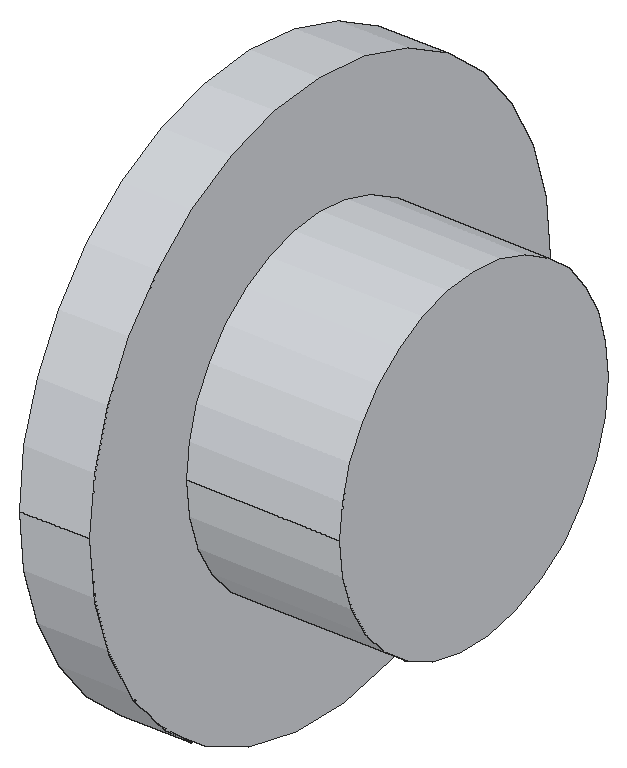
Revit family "d813f32b2a3246bcbd7462417e390671", category Pipe Fittings, Revit 2021
Family settings
  Round Connector Dimension = Use Radius
  Part Type = Cap
  OmniClass Number = 23.60.30.11.14
  OmniClass Title = Pipework Fittings
  Seek Item ID = Cap - PVC - Sch 40-0000-USA-ENU
  Work Plane-Based = No
  Always vertical = Yes
  Cut with Voids When Loaded = No
  Shared = No
Parameters (values of type "Standard")
  Nominal Radius [instance] = 1.5000"
  Nominal Diameter [instance] = Nominal Radius * 2  # 3.0000"
  Loss Method = Not Defined
  Socket Outside Radius [instance] = Socket Outside Diameter / 2  # 2.2400"
  Socket Outside Diameter [instance] = size_lookup(Lookup Table Name, "SOD", 1.08 * Nominal Diameter + 1.12109", Nominal Diameter)  # 4.4800"
  Lookup Table Name = "Cap Flat - MJ - GI - Class 250"
  Length [instance] = size_lookup(Lookup Table Name, "Lgt", 0.09 * Nominal Diameter + 2.5700", Nominal Diameter)  # 3.0000"
  Gland Width [instance] = size_lookup(Lookup Table Name, "GWid", 0.03 * Nominal Diameter + 0.9400", Nominal Diameter)  # 0.9400"
  Gland Outside Radius [instance] = Gland Outside Diameter / 2  # 3.8450"
  Gland Outside Diameter [instance] = size_lookup(Lookup Table Name, "GOD", 1.16 * Nominal Diameter + 4.0300", Nominal Diameter)  # 7.6900"
  Default Elevation = 0.0000"
Reference planes (in)
  plane 1 "Center (Front/Back)": y = 0
  plane 2: z = 0
  plane 3 "Center (Left/Right)": x = 0
  plane 4: x = 3
  plane 5: y = 2.24
  plane 6: y = -2.24
  plane 7: x = 0.94
  plane 8: x = 2.06
Forms (in)
  Extrusion 1, solid, detail levels fine
    sketch origin (0, 0, 0) x (0, 1, 0) y (0, 0, 1)
      loop
        circle (0, 0) r 3.845
    from 0 to 0.94
  Extrusion 2, solid, detail levels fine
    sketch origin (0, 0, 0) x (0, 1, 0) y (0, 0, 1)
      loop
        circle (0, 0) r 2.24
    from 0.94 to 3
Cuts and joins
  joined: Extrusion 1, Extrusion 2
Lines and regions (in)
  model lines, detail levels coarse+medium
    curve 1: line (0, 2.24, 0) -> (3, 2.24, 0)
    curve 2: line (3, 2.24, 0) -> (3, -2.24, 0)
    curve 3: line (3, -2.24, 0) -> (0, -2.24, 0)
Dimensions and locks (in)
  "Socket Outside Radius": plane 1 "Center (Front/Back)" to plane 5
  "Socket Outside Radius": plane 6 to plane 1 "Center (Front/Back)"
  "Gland Width": plane 3 "Center (Left/Right)" to plane 7
  "Gland Width": plane 8 to plane 4
  "Length": plane 3 "Center (Left/Right)" to plane 4
  "Gland Outside Radius": radius of Extrusion 1 sketch curve
  "Socket Outside Radius": radius of Extrusion 2 sketch curve
  aligned and locked: curve 2 to plane 4
  aligned and locked: plane 3 "Center (Left/Right)" to curve 1
  aligned and locked: plane 3 "Center (Left/Right)" to curve 3
  aligned and locked: curve 1 to plane 5
  aligned and locked: curve 3 to plane 6
  aligned and locked: plane 1 "Center (Front/Back)" to Extrusion 1 sketch curve
  aligned and locked: plane 2 to Extrusion 1 sketch curve
  aligned and locked: Extrusion 1 to plane 3 "Center (Left/Right)"
  aligned and locked: plane 7 to Extrusion 1
  aligned and locked: Extrusion 2 to plane 7
  aligned and locked: plane 4 to Extrusion 2
  aligned and locked: plane 2 to Extrusion 2 sketch curve
  aligned and locked: plane 1 "Center (Front/Back)" to Extrusion 2 sketch curve
Connectors (in)
  piping at (0, 0, 0), diameter 3, driven by "Nominal Radius"
    settings: on Extrusion 1, index 1, connector inside diameter 3.0000", connector length 0.0000", flow factor 0, pipe flow 0 GPM, pressure drop 0.00 psi, fitting loss kfactor 0, connector angle 0.00°, fixture units 0, engagement length 0.0000", angle of deflection 0.00°, flow configuration 0, flow direction 0, fitting loss method 0, system type 28, joint type 0, gender type 0, connector reference index -1, connector utility 0, adjustable connector no, is connector primary yes, connector description ""
